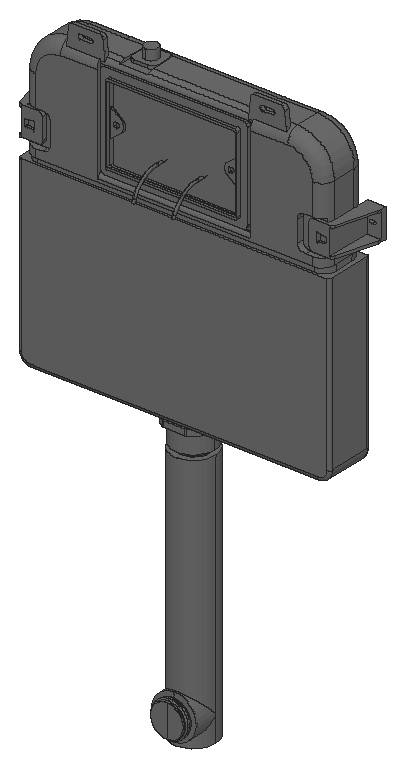
Revit family "Cistern_InWall_Nero_Concealed_Pneumatic", category Plumbing Fixtures, Revit 2022
Family settings
  Round Connector Dimension = Use Diameter
  Part Type = Normal
  OmniClass Number = 23.31.00.00
  OmniClass Title = Plumbing Specific Products and Equipment
  Work Plane-Based = No
  Always vertical = Yes
  Cut with Voids When Loaded = Yes
  Maintain Annotation Orientation = No
  Shared = No
  Room Calculation Point = No
Parameters (values of type "G30035")
  Waste Connection = no
  WFU = 0
  Vent Connection = no
  Uniclass2015Version = "Products v1.35"
  Uniclass2015Title = "WC cisterns"
  Uniclass2015Code = "Pr_40_20_93_89"
  URL = "https://nerotapware.com.au/"
  Type Comments = "Cistern - In Wall - Pneumatic - Matte Black"
  ModifiedIssue = 20251105
  Model = "G30035"
  Material = Metal_MatteBlack_Nero
  ManufacturerURLProductSpecific = "https://nerotapware.com.au/product/concealed-pneumatic-in-wall-cistern-g30035/"
  ManufacturerSpecCode = "G30035"
  ManufacturerOverallWidth = 551 mm  # constant formula
  ManufacturerOverallHeight = 992.5 mm  # constant formula
  ManufacturerOverallDepth = 142 mm  # constant formula
  Manufacturer = "Nero"
  IfcExportType = "CISTERN"
  IfcExportAs = "IfcSanitaryTerminal"
  HWFU = 0
  HW Connection = no
  Description = "Concealed Pneumatic In Wall Cistern"
  Default Elevation = 1050 mm
  CreatedByURL = "https://igsgroup.com.au"
  CreatedBy = "IGS BIM Solutions"  # constant formula
  CWFU = 0
  CW Connection = yes
  Assembly Code = "D2010"
Reference planes
  plane 1 "Bottom": z = -873.5
  plane 2 "FlushValveCenter": z = 0
  plane 3 "Right": x = 275.5
  plane 4 "Left": x = -275.5
  plane 5 "Back": y = 100.962
  plane 6 "Center (Left/Right)": x = 0
  plane 7 "Top": z = 119
  plane 8 "Front": y = -41.038
  plane 9 "WallFace": y = 9.962
Forms (mm)
  Sweep 1, solid, material "Metal_MatteBlack_Nero" <- "Material"
    path origin (-636.066, 14.962, 311.5) x (-1, 0, 0) y (0, 0, -1)
      loop
        line (-890.066, 415) -> (-890.066, 695)
        arc (-890.066, 695) -> (-884.208, 709.142) -> (-870.066, 715) r 20
        line (-870.066, 715) -> (-402.066, 715)
        arc (-402.066, 715) -> (-387.924, 709.142) -> (-382.066, 695) r 20
        line (-382.066, 695) -> (-382.066, 415)
    profile origin (-254, 14.962, -243.5) x (-1, 0, 0) y (0, -1, 0)
      loop
        line (-15, -80) -> (-5, -80)
        arc (-5, -80) -> (-1.464, -78.536) -> (0, -75) r 5
        line (0, -75) -> (0, -5)
        arc (0, -5) -> (-1.464, -1.464) -> (-5, 0) r 5
        line (-5, 0) -> (-15, 0) -> (-15, -80)
  Extrusion 2, solid, material "Metal_MatteBlack_Nero" <- "Material"
    sketch origin (-636.066, 14.962, 311.5) x (-1, 0, 0) y (0, 0, -1)
      loop
        arc (-397.066, 695) -> (-398.531, 698.536) -> (-402.066, 700) r 5
        line (-402.066, 700) -> (-870.066, 700)
        arc (-870.066, 700) -> (-873.602, 698.536) -> (-875.066, 695) r 5
        line (-875.066, 695) -> (-875.066, 415) -> (-397.066, 415) -> (-397.066, 695)
    from 0 to -80
  Extrusion 3, solid, material "Metal_MatteBlack_Nero" <- "Material"
    sketch origin (239, 14.962, -103.5) x (-1, 0, 0) y (0, -1, 0)
      loop
        line (464, -4) -> (14, -4)
        arc (14, -4) -> (-0.142, -9.858) -> (-6, -24) r 20
        line (-6, -24) -> (-6, -56)
        arc (-6, -56) -> (-0.142, -70.142) -> (14, -76) r 20
        line (14, -76) -> (464, -76)
        arc (464, -76) -> (478.142, -70.142) -> (484, -56) r 20
        line (484, -56) -> (484, -24)
        arc (484, -24) -> (478.142, -9.858) -> (464, -4) r 20
    from 0 to 10
  Sweep 4, solid, material "Metal_MatteBlack_Nero" <- "Material"
    path origin (245, 54.962, 1200) x (1, 0, 0) y (0, 0, 1)
      loop
        line (-490, -1293.5) -> (-490, -1170.75)
        arc (-490, -1170.75) -> (-472.426, -1128.324) -> (-430, -1110.75) r 60
        line (-430, -1110.75) -> (-370, -1110.75)
    profile origin (-155, 54.962, 89.25) x (0, 0, 1) y (0, -1, 0)
      loop
        line (-30, -40) -> (-20, -40)
        arc (-20, -40) -> (-5.858, -34.142) -> (0, -20) r 20
        line (0, -20) -> (0, 20)
        arc (0, 20) -> (-5.858, 34.142) -> (-20, 40) r 20
        line (-20, 40) -> (-30, 40) -> (-30, -40)
  Sweep 5, solid, material "Metal_MatteBlack_Nero" <- "Material"
    path origin (-245, 54.962, 1200) x (-1, 0, 0) y (0, 0, -1)
      loop
        line (-490, 1293.5) -> (-490, 1170.75)
        arc (-490, 1170.75) -> (-472.426, 1128.324) -> (-430, 1110.75) r 60
        line (-430, 1110.75) -> (-370, 1110.75)
    profile origin (155, 54.962, 89.25) x (0, 0, -1) y (0, -1, 0)
      loop
        line (30, -40) -> (30, 40) -> (20, 40)
        arc (20, 40) -> (5.858, 34.142) -> (0, 20) r 20
        line (0, 20) -> (0, -20)
        arc (0, -20) -> (5.858, -34.142) -> (20, -40) r 20
        line (20, -40) -> (30, -40)
  Extrusion 6, solid, material "Metal_MatteBlack_Nero" <- "Material"
    sketch origin (-636.066, 14.962, 1185) x (-1, 0, 0) y (0, 0, -1)
      loop
        arc (-451.066, 1125.75) -> (-429.853, 1134.537) -> (-421.066, 1155.75) r 30
        line (-421.066, 1155.75) -> (-421.066, 1278.5) -> (-511.066, 1278.5) -> (-511.066, 1125.75) -> (-451.066, 1125.75)
    from 0 to -80
  Extrusion 7, solid, material "Metal_MatteBlack_Nero" <- "Material"
    sketch origin (636.066, 14.962, 1185) x (1, 0, 0) y (0, 0, 1)
      loop
        line (-451.066, -1125.75) -> (-511.066, -1125.75) -> (-511.066, -1278.5) -> (-421.066, -1278.5) -> (-421.066, -1155.75)
        arc (-421.066, -1155.75) -> (-429.853, -1134.537) -> (-451.066, -1125.75) r 30
    from 0 to -80
  Extrusion 8, solid, material "Metal_MatteBlack_Nero" <- "Material"
    sketch origin (0, 85, -47.5) x (0, 1, 0) y (0, 0, 1)
      loop
        line (9.962, -46) -> (9.962, 116.75)
        arc (9.962, 116.75) -> (4.104, 130.892) -> (-10.038, 136.75) r 20
        line (-10.038, 136.75) -> (-50.038, 136.75)
        arc (-50.038, 136.75) -> (-55.351, 136.031) -> (-60.282, 133.927) r 20
        arc (-60.282, 133.927) -> (-63.766, 130.369) -> (-65.038, 125.553) r 9.75
        line (-65.038, 125.553) -> (-65.038, -33.335)
        arc (-65.038, -33.335) -> (-65.173, -33.838) -> (-65.543, -34.204) r 1
        arc (-65.543, -34.204) -> (-68.832, -37.465) -> (-70.038, -41.937) r 8.9
        line (-70.038, -41.937) -> (-70.038, -46) -> (9.962, -46)
    from 125 to -125
  Extrusion 9, solid, material "Metal_MatteBlack_Nero" <- "Material"
    sketch origin (0, 19.962, 59.896) x (0, 0, -1) y (1, 0, 0)
      loop
        line (-18.472, 112.368) -> (-18.472, -112.368)
        arc (-18.472, -112.368) -> (-16.422, -117.318) -> (-11.472, -119.368) r 7
        line (-11.472, -119.368) -> (131.264, -119.368)
        arc (131.264, -119.368) -> (136.213, -117.318) -> (138.264, -112.368) r 7
        line (138.264, -112.368) -> (138.264, 112.368)
        arc (138.264, 112.368) -> (136.213, 117.318) -> (131.264, 119.368) r 7
        line (131.264, 119.368) -> (-11.472, 119.368)
        arc (-11.472, 119.368) -> (-16.422, 117.318) -> (-18.472, 112.368) r 7
      loop
        line (-1.972, -104.368) -> (121.764, -104.368)
        arc (121.764, -104.368) -> (122.824, -103.929) -> (123.264, -102.868) r 1.5
        line (123.264, -102.868) -> (123.264, 102.868)
        arc (123.264, 102.868) -> (122.824, 103.929) -> (121.764, 104.368) r 1.5
        line (121.764, 104.368) -> (-1.972, 104.368)
        arc (-1.972, 104.368) -> (-3.033, 103.929) -> (-3.472, 102.868) r 1.5
        line (-3.472, 102.868) -> (-3.472, -102.868)
        arc (-3.472, -102.868) -> (-3.033, -103.929) -> (-1.972, -104.368) r 1.5
    from -4.029 to 5
  Extrusion 10, void
    sketch origin (-636.066, 14.962, 1185) x (-1, 0, 0) y (0, 0, -1)
      loop
        line (-422.566, 1206.35) -> (-377.066, 1206.35) -> (-377.066, 1265.15) -> (-422.566, 1265.15)
        arc (-422.566, 1265.15) -> (-431.405, 1261.489) -> (-435.066, 1252.65) r 12.5
        line (-435.066, 1252.65) -> (-435.066, 1218.85)
        arc (-435.066, 1218.85) -> (-431.405, 1210.011) -> (-422.566, 1206.35) r 12.5
    from 0 to -10
  Extrusion 11, void
    sketch origin (-636.066, 94.962, 1185) x (-1, 0, 0) y (0, 0, 1)
      loop
        arc (-422.566, -1206.35) -> (-431.405, -1210.011) -> (-435.066, -1218.85) r 12.5
        line (-435.066, -1218.85) -> (-435.066, -1252.65)
        arc (-435.066, -1252.65) -> (-431.405, -1261.489) -> (-422.566, -1265.15) r 12.5
        line (-422.566, -1265.15) -> (-377.066, -1265.15) -> (-377.066, -1206.35) -> (-422.566, -1206.35)
    from 0 to -6
  Extrusion 12, void
    sketch origin (245, 54.962, 1200) x (1, 0, 0) y (0, 0, 1)
      loop
        line (-472, -1257.574) -> (-472, -1243.926)
        arc (-472, -1243.926) -> (-473.429, -1240.862) -> (-476.695, -1239.987) r 4
        line (-476.695, -1239.987) -> (-491.292, -1242.561) -> (-491.292, -1258.939) -> (-476.695, -1261.513)
        arc (-476.695, -1261.513) -> (-473.429, -1260.638) -> (-472, -1257.574) r 4
    from 36 to -36
  Extrusion 13, void
    sketch origin (636.066, 14.962, 1185) x (1, 0, 0) y (0, 0, 1)
      loop
        arc (-422.566, -1206.35) -> (-431.405, -1210.011) -> (-435.066, -1218.85) r 12.5
        line (-435.066, -1218.85) -> (-435.066, -1252.65)
        arc (-435.066, -1252.65) -> (-431.405, -1261.489) -> (-422.566, -1265.15) r 12.5
        line (-422.566, -1265.15) -> (-377.066, -1265.15) -> (-377.066, -1206.35) -> (-422.566, -1206.35)
    from 0 to -10
  Extrusion 14, void
    sketch origin (636.066, 94.962, 1185) x (1, 0, 0) y (0, 0, -1)
      loop
        line (-422.566, 1206.35) -> (-377.066, 1206.35) -> (-377.066, 1265.15) -> (-422.566, 1265.15)
        arc (-422.566, 1265.15) -> (-431.405, 1261.489) -> (-435.066, 1252.65) r 12.5
        line (-435.066, 1252.65) -> (-435.066, 1218.85)
        arc (-435.066, 1218.85) -> (-431.405, 1210.011) -> (-422.566, 1206.35) r 12.5
    from 0 to -10
  Extrusion 15, void
    sketch origin (-245, 54.962, 1200) x (-1, 0, 0) y (0, 0, -1)
      loop
        arc (-472, 1257.574) -> (-473.429, 1260.638) -> (-476.695, 1261.513) r 4
        line (-476.695, 1261.513) -> (-491.292, 1258.939) -> (-491.292, 1242.561) -> (-476.695, 1239.987)
        arc (-476.695, 1239.987) -> (-473.429, 1240.862) -> (-472, 1243.926) r 4
        line (-472, 1243.926) -> (-472, 1257.574)
    from 36 to -36
  Extrusion 16, solid, material "Metal_MatteBlack_Nero" <- "Material"
    sketch origin (-636.066, 14.962, 1185) x (-1, 0, 0) y (0, 0, -1)
      loop
        line (-390.147, 1211.855) -> (-390.147, 1259.645) -> (-412.566, 1259.645)
        arc (-412.566, 1259.645) -> (-417.162, 1257.741) -> (-419.066, 1253.145) r 6.5
        line (-419.066, 1253.145) -> (-419.066, 1218.355)
        arc (-419.066, 1218.355) -> (-417.162, 1213.759) -> (-412.566, 1211.855) r 6.5
        line (-412.566, 1211.855) -> (-390.147, 1211.855)
      loop
        arc (-404.884, 1243.72) -> (-405.701, 1243.501) -> (-406.058, 1242.735) r 1
        line (-406.058, 1242.735) -> (-406.058, 1228.765)
        arc (-406.058, 1228.765) -> (-405.701, 1227.999) -> (-404.884, 1227.78) r 1
        line (-404.884, 1227.78) -> (-391.401, 1230.158)
        arc (-391.401, 1230.158) -> (-390.808, 1230.5) -> (-390.575, 1231.142) r 1
        line (-390.575, 1231.142) -> (-390.575, 1240.358)
        arc (-390.575, 1240.358) -> (-390.808, 1241) -> (-391.401, 1241.342) r 1
        line (-391.401, 1241.342) -> (-404.884, 1243.72)
    from -3.5 to -10
  Extrusion 17, solid, material "Metal_MatteBlack_Nero" <- "Material"
    sketch origin (-225, 94.962, -93.5) x (0, 0, 1) y (1, 0, 0)
      loop
        line (66.645, -20.919) -> (18.855, -20.919) -> (18.855, -50.5) -> (66.645, -50.5) -> (66.645, -20.919)
      loop
        arc (39.75, -39.8) -> (42.75, -42.8) -> (45.75, -39.8) r 3
        line (45.75, -39.8) -> (45.75, -33.8)
        arc (45.75, -33.8) -> (42.75, -30.8) -> (39.75, -33.8) r 3
        line (39.75, -33.8) -> (39.75, -39.8)
    from -2 to 6
  Extrusion 18, solid, material "Metal_MatteBlack_Nero" <- "Material"
    sketch origin (-246.919, 94.962, -26.855) x (-1, 0, 0) y (0, -1, 0)
      loop
        line (-1, 76.5) -> (-1, 2) -> (28.581, 2) -> (28.581, 4.434)
        arc (28.581, 4.434) -> (28.429, 6.611) -> (27.975, 8.745) r 15.642
        line (27.975, 8.745) -> (9.585, 72.878)
        arc (9.585, 72.878) -> (7.788, 75.493) -> (4.779, 76.5) r 5
        line (4.779, 76.5) -> (-1, 76.5)
    from 0 to -3.28
  Extrusion 19, solid, material "Metal_MatteBlack_Nero" <- "Material"
    sketch origin (-225, 92.962, -82.5) x (0, 0, -1) y (1, 0, 0)
      loop
        line (-11.135, -20.919) -> (-52.365, -20.919) -> (-52.365, -25.51) -> (-11.135, -25.51) -> (-11.135, -20.919)
    from 0 to 74.5
  Extrusion 20, solid, material "Metal_MatteBlack_Nero" <- "Material"
    sketch origin (-162.105, 26.962, 1200) x (1, 0, 0) y (0, 0, 1)
      loop
        line (35.241, -1081.004) -> (-7.031, -1081.004)
        arc (-7.031, -1081.004) -> (-11.76, -1082.843) -> (-14.004, -1087.394) r 7
        line (-14.004, -1087.394) -> (-16.886, -1120.332) -> (45.096, -1120.332) -> (42.214, -1087.394)
        arc (42.214, -1087.394) -> (39.97, -1082.843) -> (35.241, -1081.004) r 7
      loop
        line (6.106, -1100.25) -> (22.106, -1100.25)
        arc (22.106, -1100.25) -> (26.606, -1095.75) -> (22.106, -1091.25) r 4.5
        line (22.106, -1091.25) -> (6.106, -1091.25)
        arc (6.106, -1091.25) -> (1.606, -1095.75) -> (6.106, -1100.25) r 4.5
    from 0 to 6.5
  Extrusion 21, solid, material "Metal_MatteBlack_Nero" <- "Material"
    sketch origin (162.105, 26.962, 1200) x (-1, 0, 0) y (0, 0, -1)
      loop
        arc (35.241, 1081.004) -> (39.97, 1082.843) -> (42.214, 1087.394) r 7
        line (42.214, 1087.394) -> (45.096, 1120.332) -> (-16.886, 1120.332) -> (-14.004, 1087.394)
        arc (-14.004, 1087.394) -> (-11.76, 1082.843) -> (-7.031, 1081.004) r 7
        line (-7.031, 1081.004) -> (35.241, 1081.004)
      loop
        arc (6.106, 1100.25) -> (1.606, 1095.75) -> (6.106, 1091.25) r 4.5
        line (6.106, 1091.25) -> (22.106, 1091.25)
        arc (22.106, 1091.25) -> (26.606, 1095.75) -> (22.106, 1100.25) r 4.5
        line (22.106, 1100.25) -> (6.106, 1100.25)
    from 0 to 6.5
  Extrusion 22, solid, material "Metal_MatteBlack_Nero" <- "Material"
    sketch origin (-11.653, 0, -873.5) x (1, 0, 0) y (0, 1, 0)
      loop
        circle (11.653, 54.962) r 36
    from 0 to 420
  Revolve 23, solid, material "Metal_MatteBlack_Nero" <- "Material"
    sketch origin (0, 54.962, 1200) x (-1, 0, 0) y (0, 0, 1)
      loop
        line (0, -1653.5) -> (0, -1613.75) -> (-34.5, -1613.75) -> (-34.5, -1645.75) -> (-31, -1645.75) -> (-31, -1646.75)
        arc (-31, -1646.75) -> (-30.657, -1648.472) -> (-29.682, -1649.932) r 4.5
        line (-29.682, -1649.932) -> (-26.114, -1653.5) -> (0, -1653.5)
      axis (0, -1653.5) -> (0, -1613.75)
    angle from 0 to 360
  Extrusion 24, solid, material "Metal_MatteBlack_Nero" <- "Material"
    sketch origin (0, 54.962, -413.75) x (0, -1, 0) y (1, 0, 0)
      loop
        arc (39.487, 19.41) -> (0, 44) -> (-39.487, 19.41) r 44
        arc (-39.487, 19.41) -> (-39.87, 18.337) -> (-40, 17.205) r 5
        line (-40, 17.205) -> (-40, -17.205)
        arc (-40, -17.205) -> (-39.87, -18.337) -> (-39.487, -19.41) r 5
        arc (-39.487, -19.41) -> (0, -44) -> (39.487, -19.41) r 44
        arc (39.487, -19.41) -> (39.87, -18.337) -> (40, -17.205) r 5
        line (40, -17.205) -> (40, 17.205)
        arc (40, 17.205) -> (39.87, 18.337) -> (39.487, 19.41) r 5
    from 0 to 10
  Revolve 25, solid, material "Metal_MatteBlack_Nero" <- "Material"
    sketch origin (0, 85, -47.5) x (0, 1, 0) y (0, 0, 1)
      loop
        line (-84.538, -756.141) -> (-84.538, -782.5) -> (-30.038, -782.5) -> (-30.038, -746.5) -> (-70.038, -746.5) -> (-70.038, -756.5) -> (-70.846, -756.5)
        arc (-70.846, -756.5) -> (-71.362, -756.262) -> (-71.675, -755.788) r 1.037
        arc (-71.675, -755.788) -> (-73.152, -753.728) -> (-75.561, -752.94) r 4.074
        line (-75.561, -752.94) -> (-79.296, -752.94)
        arc (-79.296, -752.94) -> (-80.527, -753.241) -> (-81.479, -754.076) r 2.665
        line (-81.479, -754.076) -> (-82.925, -756.141) -> (-84.538, -756.141)
      axis (-30.038, -782.5) -> (-84.538, -782.5)
    angle from 0 to 360
  Extrusion 26, void
    sketch origin (0, -33.589, 119) x (0, 1, 0) y (-1, 0, 0)
      loop
        line (113.551, 61.496) -> (113.551, 82.342)
        arc (113.551, 82.342) -> (113.361, 83.298) -> (112.819, 84.11) r 2.5
        line (112.819, 84.11) -> (104.006, 92.923)
        arc (104.006, 92.923) -> (103.389, 93.343) -> (102.662, 93.507) r 2
        line (102.662, 93.507) -> (50.104, 95.343)
        arc (50.104, 95.343) -> (49.009, 94.923) -> (48.551, 93.844) r 1.5
        line (48.551, 93.844) -> (48.551, 50.156)
        arc (48.551, 50.156) -> (49.009, 49.077) -> (50.104, 48.657) r 1.5
        line (50.104, 48.657) -> (102.935, 50.502)
        arc (102.935, 50.502) -> (110.464, 53.854) -> (113.551, 61.496) r 11
    from -26.632 to -33.75
  Extrusion 27, solid, material "Metal_MatteBlack_Nero" <- "Material"
    sketch origin (0, -33.589, 85.25) x (0, 1, 0) y (-1, 0, 0)
      loop
        line (80.9, 50.733) -> (102.9, 51.502)
        arc (102.9, 51.502) -> (109.745, 54.549) -> (112.551, 61.496) r 10
        line (112.551, 61.496) -> (112.551, 82.373)
        arc (112.551, 82.373) -> (112.437, 82.947) -> (112.112, 83.434) r 1.5
        line (112.112, 83.434) -> (103.053, 92.493) -> (80.9, 93.267)
        arc (80.9, 93.267) -> (73.605, 90.466) -> (70.551, 83.273) r 10
        line (70.551, 83.273) -> (70.551, 60.727)
        arc (70.551, 60.727) -> (73.605, 53.534) -> (80.9, 50.733) r 10
    from 0 to 4
  Extrusion 28, solid, material "Metal_MatteBlack_Nero" <- "Material"
    sketch origin (0, -33.589, 89.25) x (0, 1, 0) y (-1, 0, 0)
      loop
        circle (91.565, 71.977) r 11
    from 0 to 15.5
  Extrusion 29, void
    sketch origin (-11.653, 0, -873.5) x (1, 0, 0) y (0, 1, 0)
      loop
        line (-263.847, 14.962) -> (287.153, 14.962) -> (287.153, 100.962) -> (-263.847, 100.962) -> (-263.847, 14.962)
    from 0 to 992.5
  Extrusion 30, solid, material "Metal_MatteBlack_Nero" <- "Material"
    sketch origin (-246.919, 94.962, -71.365) x (-1, 0, 0) y (0, -1, 0)
      loop
        line (-1, 76.5) -> (-1, 1.464) -> (28.581, 1.464) -> (28.581, 3.898)
        arc (28.581, 3.898) -> (28.429, 6.075) -> (27.975, 8.21) r 15.642
        line (27.975, 8.21) -> (9.432, 72.878)
        arc (9.432, 72.878) -> (7.635, 75.493) -> (4.626, 76.5) r 5
        line (4.626, 76.5) -> (-1, 76.5)
    from 0 to -3.28
  Extrusion 31, solid, material "Metal_MatteBlack_Nero" <- "Material"
    sketch origin (-225, 92.962, -82.5) x (0, 0, -1) y (1, 0, 0)
      loop
        line (-43.58, -20.919) -> (-19.92, -20.919)
        arc (-19.92, -20.919) -> (-22.218, -19.847) -> (-22.875, -17.398) r 3
        line (-22.875, -17.398) -> (-20.987, -6.695)
        arc (-20.987, -6.695) -> (-21.862, -3.429) -> (-24.926, -2) r 4
        line (-24.926, -2) -> (-38.574, -2)
        arc (-38.574, -2) -> (-41.638, -3.429) -> (-42.513, -6.695) r 4
        line (-42.513, -6.695) -> (-40.625, -17.398)
        arc (-40.625, -17.398) -> (-41.282, -19.847) -> (-43.58, -20.919) r 3
    from 4 to 69
  Extrusion 32, solid, material "Metal_MatteBlack_Nero" <- "Material"
    sketch origin (636.066, 14.962, 1185) x (1, 0, 0) y (0, 0, 1)
      loop
        line (-390.147, -1211.855) -> (-412.566, -1211.855)
        arc (-412.566, -1211.855) -> (-417.162, -1213.759) -> (-419.066, -1218.355) r 6.5
        line (-419.066, -1218.355) -> (-419.066, -1253.145)
        arc (-419.066, -1253.145) -> (-417.162, -1257.741) -> (-412.566, -1259.645) r 6.5
        line (-412.566, -1259.645) -> (-390.147, -1259.645) -> (-390.147, -1211.855)
      loop
        line (-404.884, -1243.72) -> (-391.401, -1241.342)
        arc (-391.401, -1241.342) -> (-390.808, -1241) -> (-390.575, -1240.358) r 1
        line (-390.575, -1240.358) -> (-390.575, -1231.142)
        arc (-390.575, -1231.142) -> (-390.808, -1230.5) -> (-391.401, -1230.158) r 1
        line (-391.401, -1230.158) -> (-404.884, -1227.78)
        arc (-404.884, -1227.78) -> (-405.701, -1227.999) -> (-406.058, -1228.765) r 1
        line (-406.058, -1228.765) -> (-406.058, -1242.735)
        arc (-406.058, -1242.735) -> (-405.701, -1243.501) -> (-404.884, -1243.72) r 1
    from -3.5 to -10
  Extrusion 33, solid, material "Metal_MatteBlack_Nero" <- "Material"
    sketch origin (225, 94.962, -93.5) x (0, 0, 1) y (1, 0, 0)
      loop
        line (66.645, 20.919) -> (66.645, 50.5) -> (18.855, 50.5) -> (18.855, 20.919) -> (66.645, 20.919)
      loop
        line (39.75, 39.8) -> (39.75, 33.8)
        arc (39.75, 33.8) -> (42.75, 30.8) -> (45.75, 33.8) r 3
        line (45.75, 33.8) -> (45.75, 39.8)
        arc (45.75, 39.8) -> (42.75, 42.8) -> (39.75, 39.8) r 3
    from -2 to 6
  Extrusion 34, solid, material "Metal_MatteBlack_Nero" <- "Material"
    sketch origin (246.919, 94.962, -26.855) x (1, 0, 0) y (0, 1, 0)
      loop
        line (-1, -76.5) -> (4.779, -76.5)
        arc (4.779, -76.5) -> (7.788, -75.493) -> (9.585, -72.878) r 5
        line (9.585, -72.878) -> (27.975, -8.745)
        arc (27.975, -8.745) -> (28.429, -6.611) -> (28.581, -4.434) r 15.642
        line (28.581, -4.434) -> (28.581, -2) -> (-1, -2) -> (-1, -76.5)
    from 0 to -3.28
  Extrusion 35, solid, material "Metal_MatteBlack_Nero" <- "Material"
    sketch origin (225, 92.962, -82.5) x (0, 0, -1) y (1, 0, 0)
      loop
        line (-11.135, 20.919) -> (-11.135, 25.51) -> (-52.365, 25.51) -> (-52.365, 20.919) -> (-11.135, 20.919)
    from 0 to 74.5
  Extrusion 36, solid, material "Metal_MatteBlack_Nero" <- "Material"
    sketch origin (246.919, 94.962, -71.365) x (1, 0, 0) y (0, 1, 0)
      loop
        line (-1, -76.5) -> (4.626, -76.5)
        arc (4.626, -76.5) -> (7.635, -75.493) -> (9.432, -72.878) r 5
        line (9.432, -72.878) -> (27.975, -8.21)
        arc (27.975, -8.21) -> (28.429, -6.075) -> (28.581, -3.898) r 15.642
        line (28.581, -3.898) -> (28.581, -1.464) -> (-1, -1.464) -> (-1, -76.5)
    from 0 to -3.28
  Extrusion 37, solid, material "Metal_MatteBlack_Nero" <- "Material"
    sketch origin (225, 92.962, -82.5) x (0, 0, -1) y (1, 0, 0)
      loop
        arc (-43.58, 20.919) -> (-41.282, 19.847) -> (-40.625, 17.398) r 3
        line (-40.625, 17.398) -> (-42.513, 6.695)
        arc (-42.513, 6.695) -> (-41.638, 3.429) -> (-38.574, 2) r 4
        line (-38.574, 2) -> (-24.926, 2)
        arc (-24.926, 2) -> (-21.862, 3.429) -> (-20.987, 6.695) r 4
        line (-20.987, 6.695) -> (-22.875, 17.398)
        arc (-22.875, 17.398) -> (-22.218, 19.847) -> (-19.92, 20.919) r 3
        line (-19.92, 20.919) -> (-43.58, 20.919)
    from 4 to 69
  Extrusion 38, solid, material "Metal_MatteBlack_Nero" <- "Material"
    sketch origin (0, 14.962, 59.896) x (0, 0, -1) y (1, 0, 0)
      loop
        arc (121.764, -104.368) -> (122.824, -103.929) -> (123.264, -102.868) r 1.5
        line (123.264, -102.868) -> (123.264, 102.868)
        arc (123.264, 102.868) -> (122.824, 103.929) -> (121.764, 104.368) r 1.5
        line (121.764, 104.368) -> (-1.972, 104.368)
        arc (-1.972, 104.368) -> (-3.033, 103.929) -> (-3.472, 102.868) r 1.5
        line (-3.472, 102.868) -> (-3.472, -102.868)
        arc (-3.472, -102.868) -> (-3.033, -103.929) -> (-1.972, -104.368) r 1.5
        line (-1.972, -104.368) -> (121.764, -104.368)
      loop
        arc (121.764, -107.368) -> (124.946, -106.05) -> (126.264, -102.868) r 4.5
        line (126.264, -102.868) -> (126.264, 102.868)
        arc (126.264, 102.868) -> (124.946, 106.05) -> (121.764, 107.368) r 4.5
        line (121.764, 107.368) -> (-1.972, 107.368)
        arc (-1.972, 107.368) -> (-5.154, 106.05) -> (-6.472, 102.868) r 4.5
        line (-6.472, 102.868) -> (-6.472, -102.868)
        arc (-6.472, -102.868) -> (-5.154, -106.05) -> (-1.972, -107.368) r 4.5
        line (-1.972, -107.368) -> (121.764, -107.368)
    from 0 to 6
  Extrusion 39, solid, material "Metal_MatteBlack_Nero" <- "Material"
    sketch origin (0, 23.991, 59.896) x (0, 0, 1) y (1, 0, 0)
      loop
        line (-83.737, -104.368) -> (-36.054, -104.368) -> (-51.469, -85.997)
        arc (-51.469, -85.997) -> (-59.896, -82.068) -> (-68.322, -85.997) r 11
        line (-68.322, -85.997) -> (-83.737, -104.368)
      loop
        circle (-59.896, -93.068) r 5
      loop
        line (-83.737, 104.368) -> (-68.322, 85.997)
        arc (-68.322, 85.997) -> (-59.896, 82.068) -> (-51.469, 85.997) r 11
        line (-51.469, 85.997) -> (-36.054, 104.368) -> (-83.737, 104.368)
      loop
        circle (-59.896, 93.068) r 5
    from -6.494 to -9.029
  Sweep 40, solid, material "Metal_MatteBlack_Nero" <- "Material"
    path origin (-24.009, -1524, -64.805) x (0, 0, -1) y (0, -1, 0)
      loop
        line (-33.805, -1553.962) -> (-33.805, -1533.004)
        arc (-33.805, -1533.004) -> (-25.974, -1506.139) -> (-4.936, -1487.689) r 50
        line (-4.936, -1487.689) -> (0.535, -1485.138)
    profile origin (-24.009, 19.483, -31) x (0, 0, 1) y (-1, 0, 0)
      loop
        circle (0, 0) r 2
  Sweep 41, solid, material "Metal_MatteBlack_Nero" <- "Material"
    path origin (41.58, -1524, -64.805) x (0, 0, -1) y (0, 1, 0)
      loop
        line (-33.805, 1553.962) -> (-33.805, 1533.004)
        arc (-33.805, 1533.004) -> (-25.974, 1506.139) -> (-4.936, 1487.689) r 50
        line (-4.936, 1487.689) -> (0.535, 1485.138)
    profile origin (41.58, 19.483, -31) x (0, 0, -1) y (1, 0, 0)
      loop
        circle (0, 0) r 2
Cuts and joins
  joined: Sweep 1, Extrusion 2
  Extrusion 10, Extrusion 11, Extrusion 12, Extrusion 13, Extrusion 14, Extrusion 15 cuts Sweep 4
  Extrusion 11, Extrusion 13, Extrusion 14, Extrusion 15 cuts Sweep 5
  Extrusion 10, Extrusion 11, Extrusion 13, Extrusion 14, Extrusion 15 cuts Extrusion 6
  Extrusion 11, Extrusion 13, Extrusion 14, Extrusion 15 cuts Extrusion 7
  Extrusion 11, Extrusion 13, Extrusion 14, Extrusion 15, Extrusion 26 cuts Extrusion 8
  joined: Sweep 4, Sweep 5, Extrusion 6, Extrusion 7, Extrusion 8, Extrusion 20, Extrusion 21
  joined: Extrusion 16, Extrusion 17, Extrusion 18, Extrusion 19, Extrusion 30, Extrusion 31
  joined: Extrusion 32, Extrusion 33, Extrusion 34, Extrusion 35, Extrusion 36, Extrusion 37
Lines and regions (mm)
  Masking region 1
    outline origin (0, 0, 119) x (0, 1, 0) y (-1, 0, 0)
      loop
        line (88.962, 245.919) -> (100.962, 245.919) -> (100.962, 275.5) -> (90.528, 275.5)
        arc (90.528, 275.5) -> (88.351, 275.348) -> (86.217, 274.894) r 15.642
        line (86.217, 274.894) -> (22.084, 256.504)
        arc (22.084, 256.504) -> (20.253, 255.532) -> (18.974, 253.901) r 5
        arc (18.974, 253.901) -> (16.093, 252.167) -> (14.962, 249) r 5
        line (14.962, 249) -> (14.962, 107.368) -> (8.962, 107.368) -> (8.962, 29.58) -> (5.781, 29.58)
        arc (5.781, 29.58) -> (4.494, 29.265) -> (3.498, 28.392) r 2.786
        line (3.498, 28.392) -> (2.075, 26.359) -> (0.462, 26.359) -> (-0.255, 26.009) -> (-38.677, 26.009)
        arc (-38.677, 26.009) -> (-40.677, 24.009) -> (-38.677, 22.009) r 2
        line (-38.677, 22.009) -> (0.462, 22.009) -> (0.462, -26.359) -> (2.075, -26.359) -> (3.498, -28.392)
        arc (3.498, -28.392) -> (4.494, -29.265) -> (5.781, -29.58) r 2.786
        line (5.781, -29.58) -> (8.962, -29.58) -> (8.962, -39.577) -> (-38.677, -39.577)
        arc (-38.677, -39.577) -> (-40.677, -41.577) -> (-38.677, -43.577) r 2
        line (-38.677, -43.577) -> (8.962, -43.577) -> (8.962, -107.368) -> (14.962, -107.368) -> (14.962, -249)
        arc (14.962, -249) -> (16.093, -252.167) -> (18.974, -253.901) r 5
        arc (18.974, -253.901) -> (20.253, -255.532) -> (22.084, -256.504) r 5
        line (22.084, -256.504) -> (86.217, -274.894)
        arc (86.217, -274.894) -> (88.351, -275.348) -> (90.528, -275.5) r 15.642
        line (90.528, -275.5) -> (100.962, -275.5) -> (100.962, -245.919) -> (88.962, -245.919) -> (88.962, -239.283)
        arc (88.962, -239.283) -> (93.401, -232.746) -> (94.962, -225) r 20
        line (94.962, -225) -> (94.962, 225)
        arc (94.962, 225) -> (93.401, 232.746) -> (88.962, 239.283) r 20
        line (88.962, 239.283) -> (88.962, 245.919)
  symbolic lines, style "Toilets/Bidets", detail levels medium+fine
    curve 1: line (-245.919, 24.962, 119) -> (-245.919, 100.962, 119)
    curve 2: arc (-245, 74.962, 119) -> (-239.142, 89.104, 119) -> (-225, 94.962, 119) r 20
    curve 3: line (-245, 74.962, 119) -> (-245, 34.962, 119)
    curve 4: arc (-225, 14.962, 119) -> (-239.142, 20.82, 119) -> (-245, 34.962, 119) r 20
    curve 5: line (-125, 14.962, 119) -> (-125, 20.462, 119)
    curve 6: line (-178.697, 20.462, 119) -> (-117.137, 20.462, 119)
    curve 7: line (-117.701, 26.962, 119) -> (-178.299, 26.962, 119)
    curve 8: line (-117.701, 26.962, 119) -> (-117.137, 20.462, 119)
    curve 9: line (-178.299, 26.962, 119) -> (-178.697, 20.462, 119)
    curve 10: line (-125, 19.962, 119) -> (125, 19.962, 119)
    curve 11: line (178.697, 20.462, 119) -> (117.137, 20.462, 119)
    curve 12: line (117.701, 26.962, 119) -> (178.299, 26.962, 119)
    curve 13: line (117.701, 26.962, 119) -> (117.137, 20.462, 119)
    curve 14: line (178.299, 26.962, 119) -> (178.697, 20.462, 119)
    curve 15: line (125, 14.962, 119) -> (125, 20.462, 119)
    curve 16: line (-107.368, 14.962, 119) -> (107.368, 14.962, 119)
    curve 17: line (245.919, 24.962, 119) -> (245.919, 100.962, 119)
    curve 18: arc (245, 74.962, 119) -> (239.142, 89.104, 119) -> (225, 94.962, 119) r 20
    curve 19: line (245, 74.962, 119) -> (245, 34.962, 119)
    curve 20: arc (225, 14.962, 119) -> (239.142, 20.82, 119) -> (245, 34.962, 119) r 20
    curve 21: line (-93.506, 69.104, 119) -> (-95.111, 23.134, 119)
    curve 22: line (-48.889, 23.134, 119) -> (-95.111, 23.134, 119)
    curve 23: line (-48.889, 23.134, 119) -> (-50.502, 69.346, 119)
    curve 24: arc (-50.502, 69.346, 119) -> (-53.854, 76.875, 119) -> (-61.496, 79.962, 119) r 11
    curve 25: line (-61.496, 79.962, 119) -> (-82.342, 79.962, 119)
    curve 26: line (-84.106, 79.233, 119) -> (-92.919, 70.451, 119)
    curve 27: arc (-82.342, 79.962, 119) -> (-83.296, 79.773, 119) -> (-84.106, 79.233, 119) r 2.5
    curve 28: arc (-92.919, 70.451, 119) -> (-93.341, 69.833, 119) -> (-93.506, 69.104, 119) r 2
    curve 29: line (-83.401, 78.525, 119) -> (-92.493, 69.464, 119)
    curve 30: line (-92.493, 69.464, 119) -> (-93.267, 47.311, 119)
    curve 31: arc (-82.342, 78.962, 119) -> (-82.915, 78.848, 119) -> (-83.401, 78.525, 119) r 1.5
    curve 32: line (-61.496, 78.962, 119) -> (-82.342, 78.962, 119)
    curve 33: arc (-51.502, 69.311, 119) -> (-54.549, 76.156, 119) -> (-61.496, 78.962, 119) r 10
    curve 34: line (-50.733, 47.311, 119) -> (-51.502, 69.311, 119)
    curve 35: arc (-60.727, 36.962, 119) -> (-53.534, 40.016, 119) -> (-50.733, 47.311, 119) r 10
    curve 36: line (-83.273, 36.962, 119) -> (-60.727, 36.962, 119)
    curve 37: arc (-93.267, 47.311, 119) -> (-90.466, 40.016, 119) -> (-83.273, 36.962, 119) r 10
    curve 38: circle (-71.977, 57.975, 119) r 11 normal (0, 0, 1)
    curve 39: line (-251.698, 18.462, 119) -> (-236.303, 18.462, 119)
    curve 40: arc (-256.504, 22.084, 119) -> (-254.707, 19.469, 119) -> (-251.698, 18.462, 119) r 5
    curve 41: line (251.698, 18.462, 119) -> (236.303, 18.462, 119)
    curve 42: arc (256.504, 22.084, 119) -> (254.707, 19.469, 119) -> (251.698, 18.462, 119) r 5
    curve 43: line (245.919, 24.962, 119) -> (242.321, 24.962, 119)
    curve 44: line (-245.919, 88.962, 119) -> (-239.283, 88.962, 119)
    curve 45: line (245.919, 88.962, 119) -> (239.283, 88.962, 119)
    curve 46: line (-26.359, 2.075, 119) -> (26.359, 2.075, 119)
    curve 47: line (-29.58, 8.962, 119) -> (29.58, 8.962, 119)
    curve 48: line (-245.919, 24.962, 119) -> (-242.321, 24.962, 119)
    curve 49: line (39.577, 8.962, 119) -> (43.577, 8.962, 119)
Text (mm)
  text "Disclaimer:\nDue to ongoing product development and manufacturing evolution, product details are subject to change without notice. Please refer to product technical data sheets on the manufacturers website for the most current product information. Please allow a +/- 5mm manufacturing tolerance for dimensions and set-outs shown in product literature." at (429.634, 180.685, 0), in view "Ref. Level"
Dimensions and locks
  equal spacing: plane 4 "Left", plane 6 "Center (Left/Right)", plane 3 "Right"
  "ManufacturerOverallWidth": plane 4 "Left" to plane 3 "Right"
  "ManufacturerOverallHeight": plane 7 "Top" to plane 1 "Bottom"
  locked: plane 7 "Top" to plane 2 "FlushValveCenter" at 119
  "ManufacturerOverallDepth": plane 8 "Front" to plane 5 "Back"
  locked: plane 9 "WallFace" to plane 5 "Back" at 91
  aligned and locked: plane 7 "Top" to Extrusion 29
Automatic sketch dimensions
  Sweep 1 sketch curve to plane 3 "Right" = 21.5 mm
  Sweep 1 sketch curve to Sweep 1 sketch curve = 20 mm  (x2)
  Sweep 1 sketch curve to plane 4 "Left" = 41.5 mm
  Sweep 1 sketch curve to level = 383.5 mm
  Sweep 1 sketch curve to level = 103.5 mm  (x2)
  Sweep 1 sketch curve to profile plane = 0 mm
  profile plane to Sweep 1 sketch curve = 5 mm  (x2)
  Sweep 1 sketch curve to Sweep 1 sketch curve = 10 mm
  Sweep 1 sketch curve to Sweep 1 sketch curve = 70 mm
  Extrusion 2 sketch curve to plane 3 "Right" = 36.5 mm
  Extrusion 2 sketch curve to Extrusion 2 sketch curve = 5 mm
  Extrusion 2 sketch curve to plane 4 "Left" = 41.5 mm
  Extrusion 2 sketch curve to plane 4 "Left" = 36.5 mm
  Extrusion 2 sketch curve to level = 103.5 mm
  Extrusion 2 sketch curve to Extrusion 2 sketch curve = 280 mm
  Extrusion 3 sketch curve to Extrusion 2 = 6 mm  (x2)
  Extrusion 2 to Extrusion 3 sketch curve = 4 mm
  Extrusion 2 to Extrusion 3 sketch curve = 14 mm  (x4)
  Extrusion 2 to Extrusion 3 sketch curve = 24 mm
  Sweep 4 sketch curve to plane 4 "Left" = 30.5 mm
  level to Sweep 4 sketch curve = 29.25 mm
  Sweep 4 sketch curve to Sweep 4 sketch curve = 60 mm  (x2)
  Sweep 4 sketch curve to level = 93.5 mm
  profile plane to Sweep 4 sketch curve = 0 mm
  Sweep 4 sketch curve to Sweep 4 sketch curve = 20 mm
  profile plane to Sweep 4 sketch curve = 20 mm  (x2)
  Sweep 4 sketch curve to Sweep 4 sketch curve = 10 mm
  Sweep 4 sketch curve to profile plane = 40 mm
  Sweep 5 sketch curve to plane 3 "Right" = 30.5 mm
  level to Sweep 5 sketch curve = 29.25 mm
  Sweep 5 sketch curve to Sweep 5 sketch curve = 60 mm  (x2)
  Sweep 5 sketch curve to level = 93.5 mm
  Sweep 5 sketch curve to profile plane = 0 mm
  Sweep 5 sketch curve to Sweep 5 sketch curve = 20 mm
  Sweep 5 sketch curve to profile plane = 20 mm
  Sweep 5 sketch curve to Sweep 5 sketch curve = 10 mm
  Sweep 5 sketch curve to profile plane = 40 mm
  profile plane to Sweep 5 sketch curve = 20 mm
  Extrusion 6 sketch curve to Extrusion 6 sketch curve = 60 mm
  Extrusion 6 sketch curve to plane 4 "Left" = 60.5 mm
  level to Extrusion 6 sketch curve = 59.25 mm
  Extrusion 6 sketch curve to level = 93.5 mm
  level to Extrusion 7 sketch curve = 59.25 mm
  plane 6 "Center (Left/Right)" to Extrusion 7 sketch curve = 125 mm
  Extrusion 7 sketch curve to Extrusion 7 sketch curve = 60 mm
  Extrusion 7 sketch curve to plane 3 "Right" = 60.5 mm
  Extrusion 7 sketch curve to level = 93.5 mm
  Extrusion 10 sketch curve to plane 4 "Left" = 74.5 mm
  Extrusion 10 sketch curve to Extrusion 10 sketch curve = 12.5 mm  (x2)
  Extrusion 10 sketch curve to plane 4 "Left" = 16.5 mm
  Extrusion 10 sketch curve to level = 21.35 mm
  Extrusion 10 sketch curve to Extrusion 10 sketch curve = 33.8 mm
  Extrusion 11 sketch curve to plane 4 "Left" = 74.5 mm
  Extrusion 11 sketch curve to Extrusion 11 sketch curve = 12.5 mm  (x2)
  Extrusion 11 sketch curve to plane 4 "Left" = 16.5 mm
  Extrusion 11 sketch curve to level = 80.15 mm
  Extrusion 11 sketch curve to Extrusion 11 sketch curve = 33.8 mm
  Extrusion 12 sketch curve to plane 4 "Left" = 29.208 mm
  Extrusion 12 sketch curve to Extrusion 12 sketch curve = 14.597 mm  (x2)
  Extrusion 12 sketch curve to Extrusion 12 sketch curve = 0.695 mm  (x2)
  Extrusion 12 sketch curve to Extrusion 12 sketch curve = 4 mm
  Extrusion 12 sketch curve to level = 61.513 mm
  Extrusion 12 sketch curve to Extrusion 12 sketch curve = 2.574 mm  (x2)
  Extrusion 12 sketch curve to Extrusion 12 sketch curve = 13.647 mm
  Extrusion 13 sketch curve to plane 3 "Right" = 74.5 mm
  Extrusion 13 sketch curve to Extrusion 13 sketch curve = 12.5 mm  (x2)
  Extrusion 13 sketch curve to plane 3 "Right" = 16.5 mm
  Extrusion 13 sketch curve to level = 80.15 mm
  Extrusion 13 sketch curve to Extrusion 13 sketch curve = 33.8 mm
  Extrusion 14 sketch curve to plane 3 "Right" = 74.5 mm
  Extrusion 14 sketch curve to Extrusion 14 sketch curve = 12.5 mm  (x2)
  Extrusion 14 sketch curve to plane 3 "Right" = 16.5 mm
  Extrusion 14 sketch curve to level = 21.35 mm
  Extrusion 14 sketch curve to Extrusion 14 sketch curve = 33.8 mm
  Extrusion 15 sketch curve to plane 3 "Right" = 29.208 mm
  Extrusion 15 sketch curve to Extrusion 15 sketch curve = 14.597 mm  (x2)
  Extrusion 15 sketch curve to Extrusion 15 sketch curve = 0.695 mm  (x2)
  Extrusion 15 sketch curve to Extrusion 15 sketch curve = 4 mm
  Extrusion 15 sketch curve to level = 39.987 mm
  Extrusion 15 sketch curve to Extrusion 15 sketch curve = 2.574 mm  (x2)
  Extrusion 15 sketch curve to Extrusion 15 sketch curve = 13.647 mm
  Extrusion 16 sketch curve to plane 4 "Left" = 58.5 mm
  Extrusion 16 sketch curve to Extrusion 16 sketch curve = 6.5 mm  (x2)
  Extrusion 16 sketch curve to Extrusion 16 sketch curve = 6.508 mm
  Extrusion 16 sketch curve to Extrusion 16 sketch curve = 1 mm  (x3)
  Extrusion 16 sketch curve to Extrusion 16 sketch curve = 0.174 mm  (x4)
  Extrusion 16 sketch curve to Extrusion 16 sketch curve = 13.483 mm
  Extrusion 16 sketch curve to Extrusion 16 sketch curve = 0 mm
  Extrusion 16 sketch curve to Extrusion 16 sketch curve = 1.254 mm
  Extrusion 16 sketch curve to level = 26.855 mm
  Extrusion 16 sketch curve to Extrusion 16 sketch curve = 9.425 mm
  Extrusion 16 sketch curve to Extrusion 16 sketch curve = 2.377 mm
  Extrusion 16 sketch curve to Extrusion 16 sketch curve = 9.215 mm
  Extrusion 16 sketch curve to Extrusion 16 sketch curve = 13.97 mm
  Extrusion 16 sketch curve to Extrusion 16 sketch curve = 10.41 mm
  Sweep 4 to Extrusion 17 sketch curve = 18.855 mm
  Extrusion 17 sketch curve to Extrusion 17 sketch curve = 20.895 mm  (x2)
  Extrusion 17 sketch curve to Extrusion 17 sketch curve = 3 mm
  Sweep 4 to Extrusion 17 sketch curve = 50.5 mm
  Extrusion 17 sketch curve to Extrusion 17 sketch curve = 10.7 mm
  Extrusion 17 sketch curve to Extrusion 17 sketch curve = 6 mm
  Sweep 4 to Extrusion 17 sketch curve = 20.919 mm
  Extrusion 18 sketch curve to Extrusion 17 = 0 mm  (x3)
  Extrusion 18 sketch curve to Extrusion 17 = 5.779 mm
  Extrusion 18 sketch curve to Extrusion 18 sketch curve = 4.806 mm
  Extrusion 18 sketch curve to Extrusion 17 = 2.434 mm
  Extrusion 18 sketch curve to Extrusion 17 = 13.939 mm
  Extrusion 18 sketch curve to Extrusion 17 = 0.606 mm
  Extrusion 18 sketch curve to Extrusion 18 sketch curve = 62.755 mm
  Extrusion 18 sketch curve to Extrusion 18 sketch curve = 1.378 mm
  Extrusion 19 sketch curve to Extrusion 17 = 0 mm
  Extrusion 19 sketch curve to Extrusion 17 = 3.28 mm  (x2)
  Extrusion 19 sketch curve to Extrusion 17 = 4.591 mm
  Extrusion 22 sketch curve to plane 6 "Center (Left/Right)" = 0 mm
  Extrusion 28 sketch curve to Extrusion 27 = 20.987 mm
  Extrusion 28 sketch curve to Extrusion 27 = 20.859 mm
  Extrusion 30 sketch curve to plane 4 "Left" = 0 mm
  Extrusion 30 sketch curve to plane 4 "Left" = 0.606 mm
  Extrusion 30 sketch curve to plane 4 "Left" = 15.642 mm
  Extrusion 30 sketch curve to plane 4 "Left" = 19.149 mm
  Extrusion 30 sketch curve to Extrusion 30 sketch curve = 4.806 mm
  Extrusion 30 sketch curve to Extrusion 30 sketch curve = 5.625 mm
  Extrusion 30 sketch curve to Extrusion 30 sketch curve = 1.378 mm
  plane 5 "Back" to Extrusion 30 sketch curve = 14.21 mm
  plane 5 "Back" to Extrusion 30 sketch curve = 7.464 mm
  Extrusion 31 sketch curve to Extrusion 17 = 0 mm
  Extrusion 17 to Extrusion 31 sketch curve = 3 mm
  Extrusion 31 sketch curve to Extrusion 17 = 8.83 mm
  Extrusion 31 sketch curve to Extrusion 17 = 7.763 mm
  Extrusion 17 to Extrusion 31 sketch curve = 3.521 mm  (x2)
  Extrusion 31 sketch curve to Extrusion 17 = 3.824 mm  (x2)
  Extrusion 31 sketch curve to Extrusion 17 = 5.875 mm
  Extrusion 31 sketch curve to Extrusion 31 sketch curve = 3.939 mm
  Extrusion 31 sketch curve to Extrusion 31 sketch curve = 2.954 mm
  Extrusion 31 sketch curve to Extrusion 31 sketch curve = 10.703 mm  (x2)
  Extrusion 31 sketch curve to Extrusion 31 sketch curve = 0.695 mm
  Extrusion 32 sketch curve to plane 3 "Right" = 58.5 mm
  Extrusion 32 sketch curve to Extrusion 32 sketch curve = 6.5 mm  (x2)
  Extrusion 32 sketch curve to Extrusion 32 sketch curve = 6.508 mm
  Extrusion 32 sketch curve to Extrusion 32 sketch curve = 1 mm  (x3)
  Extrusion 32 sketch curve to Extrusion 32 sketch curve = 0.174 mm  (x4)
  Extrusion 32 sketch curve to Extrusion 32 sketch curve = 13.483 mm
  Extrusion 32 sketch curve to Extrusion 32 sketch curve = 0 mm
  Extrusion 32 sketch curve to Extrusion 32 sketch curve = 1.254 mm
  Extrusion 32 sketch curve to level = 74.645 mm
  Extrusion 32 sketch curve to Extrusion 32 sketch curve = 9.425 mm  (x2)
  Extrusion 32 sketch curve to Extrusion 32 sketch curve = 2.377 mm  (x2)
  Extrusion 32 sketch curve to Extrusion 32 sketch curve = 9.215 mm
  Sweep 4 to Extrusion 33 sketch curve = 18.855 mm
  Extrusion 33 sketch curve to Extrusion 33 sketch curve = 20.895 mm  (x2)
  Extrusion 33 sketch curve to Extrusion 33 sketch curve = 3 mm
  Sweep 4 to Extrusion 33 sketch curve = 370.919 mm
  Extrusion 33 sketch curve to Extrusion 33 sketch curve = 12.881 mm
  Extrusion 33 sketch curve to Extrusion 33 sketch curve = 6 mm
  Extrusion 33 sketch curve to Extrusion 33 sketch curve = 10.7 mm
  Extrusion 34 sketch curve to Extrusion 33 = 0 mm  (x3)
  Extrusion 34 sketch curve to Extrusion 33 = 5.779 mm
  Extrusion 34 sketch curve to Extrusion 34 sketch curve = 4.806 mm
  Extrusion 34 sketch curve to Extrusion 33 = 2.434 mm
  Extrusion 34 sketch curve to Extrusion 33 = 13.939 mm
  Extrusion 34 sketch curve to Extrusion 33 = 0.606 mm
  Extrusion 34 sketch curve to Extrusion 34 sketch curve = 62.755 mm
  Extrusion 34 sketch curve to Extrusion 34 sketch curve = 1.378 mm
  Extrusion 33 to Extrusion 35 sketch curve = 0 mm
  Extrusion 35 sketch curve to Extrusion 33 = 3.28 mm  (x2)
  Extrusion 35 sketch curve to Extrusion 33 = 4.591 mm
  Extrusion 36 sketch curve to plane 3 "Right" = 0 mm
  Extrusion 36 sketch curve to plane 3 "Right" = 0.606 mm
  Extrusion 36 sketch curve to plane 3 "Right" = 15.642 mm
  Extrusion 36 sketch curve to plane 3 "Right" = 19.149 mm
  Extrusion 36 sketch curve to Extrusion 36 sketch curve = 4.806 mm
  Extrusion 36 sketch curve to Extrusion 36 sketch curve = 5.625 mm
  plane 5 "Back" to Extrusion 36 sketch curve = 14.21 mm
  plane 5 "Back" to Extrusion 36 sketch curve = 7.464 mm
  Extrusion 33 to Extrusion 37 sketch curve = 0 mm
  Extrusion 33 to Extrusion 37 sketch curve = 3 mm
  Extrusion 37 sketch curve to Extrusion 33 = 8.83 mm
  Extrusion 37 sketch curve to Extrusion 33 = 7.763 mm
  Extrusion 33 to Extrusion 37 sketch curve = 3.521 mm  (x2)
  Extrusion 37 sketch curve to Extrusion 33 = 3.824 mm  (x2)
  Extrusion 37 sketch curve to Extrusion 33 = 5.875 mm
  Extrusion 37 sketch curve to Extrusion 37 sketch curve = 3.939 mm
  Extrusion 37 sketch curve to Extrusion 37 sketch curve = 2.954 mm
  Extrusion 37 sketch curve to Extrusion 37 sketch curve = 10.703 mm  (x2)
  Extrusion 37 sketch curve to Extrusion 37 sketch curve = 0.695 mm
  Sweep 40 sketch curve to level = 31 mm
  Sweep 40 sketch curve to Sweep 40 sketch curve = 28.869 mm
  Sweep 40 sketch curve to Sweep 40 sketch curve = 5.471 mm
  Sweep 40 sketch curve to profile plane = 0 mm
  Sweep 41 sketch curve to level = 31 mm
  Sweep 41 sketch curve to Sweep 41 sketch curve = 28.869 mm
  Sweep 41 sketch curve to Sweep 41 sketch curve = 5.471 mm
  Sweep 41 sketch curve to profile plane = 0 mm  (x2)
  level to Extrusion 6 sketch curve = 29.25 mm
  profile plane to Sweep 40 sketch curve = 0 mm
  Extrusion 29 sketch curve to plane 4 "Left" = 0 mm
  Extrusion 29 sketch curve to plane 3 "Right" = 0 mm
  Masking region 1 sketch curve to plane 3 "Right" = 0 mm
  Masking region 1 sketch curve to plane 4 "Left" = 0 mm
  plane 5 "Back" to Masking region 1 sketch curve = 0 mm  (x2)
  Masking region 1 sketch curve to Masking region 1 sketch curve = 3.182 mm  (x2)
  Masking region 1 sketch curve to Masking region 1 sketch curve = 2.282 mm  (x2)
  Masking region 1 sketch curve to Masking region 1 sketch curve = 1.424 mm  (x2)
  Masking region 1 sketch curve to Masking region 1 sketch curve = 1.613 mm  (x3)
  Masking region 1 sketch curve to Masking region 1 sketch curve = 0.718 mm
  Masking region 1 sketch curve to Masking region 1 sketch curve = 5 mm  (x2)
  Masking region 1 sketch curve to Masking region 1 sketch curve = 3.5 mm  (x2)
  plane 5 "Back" to Masking region 1 sketch curve = 26 mm  (x2)
  Masking region 1 sketch curve to plane 4 "Left" = 0.606 mm
  plane 5 "Back" to Masking region 1 sketch curve = 14.745 mm  (x2)
  Masking region 1 sketch curve to plane 3 "Right" = 0.606 mm
  plane 5 "Back" to Masking region 1 sketch curve = 12 mm  (x2)
  plane 5 "Back" to Masking region 1 sketch curve = 10.434 mm
  Masking region 1 sketch curve to Masking region 1 sketch curve = 4.312 mm
  plane 5 "Back" to Masking region 1 sketch curve = 6 mm
  Masking region 1 sketch curve to plane 3 "Right" = 18.996 mm
  Masking region 1 sketch curve to Masking region 1 sketch curve = 4.806 mm  (x2)
  Masking region 1 sketch curve to Masking region 1 sketch curve = 2.698 mm  (x2)
  Masking region 1 sketch curve to Masking region 1 sketch curve = 13.939 mm
  Masking region 1 sketch curve to Masking region 1 sketch curve = 6.636 mm  (x2)
  plane 6 "Center (Left/Right)" to Masking region 1 sketch curve = 107.368 mm
  plane 6 "Center (Left/Right)" to Masking region 1 sketch curve = 43.577 mm
  Masking region 1 sketch curve to Masking region 1 sketch curve = 2 mm  (x2)
  Masking region 1 sketch curve to Masking region 1 sketch curve = 9.997 mm
  Masking region 1 sketch curve to Masking region 1 sketch curve = 1.188 mm
  Masking region 1 sketch curve to Masking region 1 sketch curve = 2.033 mm  (x2)
  Masking region 1 sketch curve to plane 6 "Center (Left/Right)" = 22.009 mm
  Masking region 1 sketch curve to Masking region 1 sketch curve = 0.35 mm
  Masking region 1 sketch curve to Masking region 1 sketch curve = 0.435 mm
  Masking region 1 sketch curve to Masking region 1 sketch curve = 77.788 mm
  Masking region 1 sketch curve to Masking region 1 sketch curve = 34.858 mm
  Masking region 1 sketch curve to plane 4 "Left" = 26.5 mm
  Sweep 40 sketch curve to Sweep 40 sketch curve = 50 mm
  Sweep 40 sketch curve to plane 8 "Front" = 2.176 mm
  Sweep 41 sketch curve to Sweep 41 sketch curve = 50 mm
  Sweep 41 sketch curve to plane 8 "Front" = 2.176 mm
  Masking region 1 sketch curve to plane 8 "Front" = 2.361 mm  (x2)
  Extrusion 26 sketch curve to Extrusion 26 sketch curve = 1.5 mm  (x2)
  Extrusion 26 sketch curve to Extrusion 26 sketch curve = 0.052 mm  (x2)
  plane 5 "Back" to Extrusion 26 sketch curve = 32 mm
  Extrusion 26 sketch curve to Extrusion 26 sketch curve = 0.04 mm
  Extrusion 26 sketch curve to Extrusion 26 sketch curve = 0.07 mm
  Extrusion 26 sketch curve to Extrusion 26 sketch curve = 0.384 mm
  Extrusion 26 sketch curve to Extrusion 26 sketch curve = 1.344 mm
  Extrusion 26 sketch curve to Extrusion 26 sketch curve = 8.46 mm
  Extrusion 26 sketch curve to Extrusion 26 sketch curve = 0.732 mm
  Extrusion 26 sketch curve to plane 6 "Center (Left/Right)" = 48.657 mm
  Extrusion 26 sketch curve to plane 6 "Center (Left/Right)" = 50.502 mm
  Extrusion 26 sketch curve to Extrusion 26 sketch curve = 20.846 mm
  Extrusion 26 sketch curve to Extrusion 26 sketch curve = 1.768 mm
  Extrusion 26 sketch curve to Extrusion 26 sketch curve = 9.167 mm
  Extrusion 26 sketch curve to Extrusion 26 sketch curve = 1.414 mm
  Extrusion 26 sketch curve to Extrusion 26 sketch curve = 43.687 mm
  Extrusion 27 sketch curve to Extrusion 27 sketch curve = 21.651 mm
  Extrusion 27 sketch curve to Extrusion 26 = 32.349 mm
  Extrusion 27 sketch curve to Extrusion 27 sketch curve = 0.349 mm  (x3)
  Extrusion 27 sketch curve to Extrusion 27 sketch curve = 10 mm
  Extrusion 27 sketch curve to Extrusion 26 = 10.498 mm
  Extrusion 27 sketch curve to Extrusion 27 sketch curve = 0.439 mm
  Extrusion 27 sketch curve to Extrusion 27 sketch curve = 0.768 mm
  Extrusion 27 sketch curve to Extrusion 27 sketch curve = 20.878 mm
  Extrusion 27 sketch curve to Extrusion 27 sketch curve = 22.545 mm
  Extrusion 27 sketch curve to Extrusion 27 sketch curve = 1.061 mm
  Extrusion 27 sketch curve to Extrusion 27 sketch curve = 9.059 mm
  Extrusion 8 sketch curve to Extrusion 8 sketch curve = 1 mm
  Extrusion 8 sketch curve to Extrusion 8 sketch curve = 8.9 mm
  Extrusion 8 sketch curve to Extrusion 8 sketch curve = 9.75 mm
  Extrusion 8 sketch curve to Extrusion 8 sketch curve = 5.25 mm
  plane 5 "Back" to Extrusion 8 sketch curve = 26 mm
  plane 5 "Back" to Extrusion 8 sketch curve = 6 mm
  Extrusion 8 sketch curve to level = 93.5 mm
  Extrusion 8 sketch curve to Extrusion 8 sketch curve = 4.063 mm
  Extrusion 8 sketch curve to Extrusion 8 sketch curve = 8.602 mm
  Extrusion 8 sketch curve to plane 7 "Top" = 49.75 mm
  Extrusion 8 sketch curve to Extrusion 8 sketch curve = 20 mm
  Extrusion 8 sketch curve to Extrusion 8 sketch curve = 8.803 mm
  Extrusion 8 to Extrusion 9 sketch curve = 0.314 mm
  Extrusion 9 sketch curve to Extrusion 8 = 6.686 mm  (x2)
  Extrusion 9 sketch curve to Extrusion 9 sketch curve = 8 mm  (x2)
  Extrusion 9 sketch curve to Extrusion 9 sketch curve = 1.5 mm  (x3)
  Extrusion 9 sketch curve to Extrusion 8 = 18.967 mm  (x2)
  Extrusion 9 sketch curve to Extrusion 8 = 9.467 mm  (x2)
  Extrusion 8 to Extrusion 9 sketch curve = 5.632 mm
  Extrusion 9 sketch curve to Extrusion 8 = 2.467 mm
  Extrusion 8 to Extrusion 9 sketch curve = 22.132 mm
  Extrusion 8 to Extrusion 9 sketch curve = 12.632 mm
  Extrusion 20 sketch curve to plane 7 "Top" = 39.332 mm
  Extrusion 20 sketch curve to plane 4 "Left" = 96.509 mm
  Extrusion 20 sketch curve to plane 7 "Top" = 6.394 mm  (x2)
  Extrusion 20 sketch curve to Extrusion 20 sketch curve = 2.882 mm
  Extrusion 20 sketch curve to plane 7 "Top" = 0.004 mm
  Extrusion 20 sketch curve to Extrusion 20 sketch curve = 6.973 mm  (x2)
  Extrusion 20 sketch curve to Extrusion 20 sketch curve = 13.137 mm
  Extrusion 20 sketch curve to Extrusion 20 sketch curve = 16 mm
  Extrusion 20 sketch curve to Extrusion 20 sketch curve = 13.135 mm
  Extrusion 20 sketch curve to Extrusion 20 sketch curve = 22.99 mm
  Extrusion 20 sketch curve to Extrusion 20 sketch curve = 12.246 mm
  Extrusion 20 sketch curve to Extrusion 20 sketch curve = 4.5 mm
  Extrusion 21 sketch curve to plane 7 "Top" = 39.332 mm
  Extrusion 21 sketch curve to plane 3 "Right" = 96.509 mm
  Extrusion 21 sketch curve to plane 7 "Top" = 6.394 mm  (x2)
  Extrusion 21 sketch curve to Extrusion 21 sketch curve = 2.882 mm
  Extrusion 21 sketch curve to plane 7 "Top" = 0.004 mm
  Extrusion 21 sketch curve to Extrusion 21 sketch curve = 6.973 mm  (x2)
  Extrusion 21 sketch curve to Extrusion 21 sketch curve = 13.137 mm
  Extrusion 21 sketch curve to Extrusion 21 sketch curve = 16 mm
  Extrusion 21 sketch curve to Extrusion 21 sketch curve = 13.135 mm
  Extrusion 21 sketch curve to Extrusion 21 sketch curve = 22.99 mm
  Extrusion 21 sketch curve to plane 7 "Top" = 10.25 mm
  Extrusion 21 sketch curve to Extrusion 21 sketch curve = 4.5 mm
  Revolve 23 sketch curve to plane 6 "Center (Left/Right)" = 0 mm  (x2)
  Revolve 23 sketch curve to Revolve 23 sketch curve = 26.114 mm
  Revolve 23 sketch curve to Revolve 23 sketch curve = 0.386 mm
  Revolve 23 sketch curve to Revolve 23 sketch curve = 3.182 mm
  Revolve 23 sketch curve to Revolve 23 sketch curve = 1.318 mm
  Revolve 23 sketch curve to Revolve 23 sketch curve = 3.5 mm
  plane 1 "Bottom" to Revolve 23 sketch curve = 420 mm
  Revolve 23 sketch curve to Revolve 23 sketch curve = 3.568 mm
  Revolve 23 sketch curve to Revolve 23 sketch curve = 1 mm
  Revolve 23 sketch curve to Revolve 23 sketch curve = 32 mm
  Revolve 23 sketch curve to Revolve 23 sketch curve = 0 mm
  Revolve 23 sketch curve to Revolve 23 sketch curve = 15 mm
  Revolve 23 to Extrusion 24 sketch curve = 35 mm
  Extrusion 24 sketch curve to Extrusion 24 sketch curve = 0 mm  (x2)
  Extrusion 24 sketch curve to Extrusion 24 sketch curve = 5 mm  (x2)
  Extrusion 24 sketch curve to Revolve 23 = 35 mm
  Extrusion 24 sketch curve to Extrusion 24 sketch curve = 17.205 mm  (x2)
  Extrusion 24 sketch curve to Extrusion 24 sketch curve = 34.409 mm  (x2)
  Revolve 25 sketch curve to Revolve 25 sketch curve = 4.714 mm
  Revolve 25 sketch curve to Revolve 25 sketch curve = 3.736 mm
  Revolve 25 sketch curve to Revolve 25 sketch curve = 2.183 mm
  Revolve 25 sketch curve to Revolve 25 sketch curve = 1.446 mm
  Revolve 25 sketch curve to Revolve 25 sketch curve = 1.613 mm
  Revolve 25 sketch curve to Revolve 25 sketch curve = 40 mm
  plane 1 "Bottom" to Revolve 25 sketch curve = 43.5 mm
  Revolve 25 sketch curve to Revolve 25 sketch curve = 25.486 mm
  Revolve 25 sketch curve to Revolve 25 sketch curve = 0.514 mm
  Revolve 25 sketch curve to Revolve 25 sketch curve = 0.873 mm
  Revolve 25 sketch curve to Revolve 25 sketch curve = 0.536 mm
  Revolve 25 sketch curve to Revolve 25 sketch curve = 1.024 mm
  Revolve 25 sketch curve to Revolve 25 sketch curve = 2.065 mm
  Revolve 25 sketch curve to Revolve 25 sketch curve = 36 mm
  Revolve 25 sketch curve to Revolve 25 sketch curve = 2.9 mm
  Revolve 25 sketch curve to Revolve 25 sketch curve = 5 mm
  Revolve 25 sketch curve to Revolve 25 sketch curve = 0 mm
  Extrusion 38 sketch curve to Extrusion 38 sketch curve = 0 mm  (x4)
  Extrusion 9 to Extrusion 38 sketch curve = 1.5 mm  (x2)
  Extrusion 39 sketch curve to Extrusion 39 sketch curve = 0 mm  (x4)
  Extrusion 39 sketch curve to Extrusion 9 = 0 mm
  Extrusion 9 to Extrusion 39 sketch curve = 0 mm
  Extrusion 9 to Extrusion 39 sketch curve = 39.527 mm  (x2)
  Extrusion 9 to Extrusion 39 sketch curve = 18.371 mm  (x4)
  Extrusion 39 sketch curve to Extrusion 39 sketch curve = 15.415 mm  (x4)
  Extrusion 39 sketch curve to Extrusion 39 sketch curve = 8.426 mm  (x2)
  Extrusion 39 sketch curve to Extrusion 39 sketch curve = 7.071 mm  (x2)
  curve 24 to curve 33 = 0 mm  (x3)
  curve 27 to curve 31 = 0 mm  (x3)
  plane 5 "Back" to curve 1 = 0 mm
  plane 5 "Back" to curve 17 = 0 mm
  curve 39 to curve 40 = 5 mm
  curve 41 to curve 42 = 5 mm
  curve 42 to curve 17 = 1.5 mm
  curve 40 to curve 1 = 1.5 mm
  curve 11 to curve 14 = 6.5 mm
  curve 6 to curve 9 = 6.5 mm
  curve 4 to curve 4 = 20 mm
  curve 17 to curve 19 = 10 mm
  curve 21 to curve 36 = 13.828 mm
  curve 36 to curve 37 = 10 mm
  curve 36 to curve 35 = 10 mm
  curve 37 to curve 30 = 0.349 mm
  curve 35 to curve 34 = 0.349 mm
  curve 35 to curve 38 = 11.013 mm
  curve 38 to curve 24 = 10.987 mm
